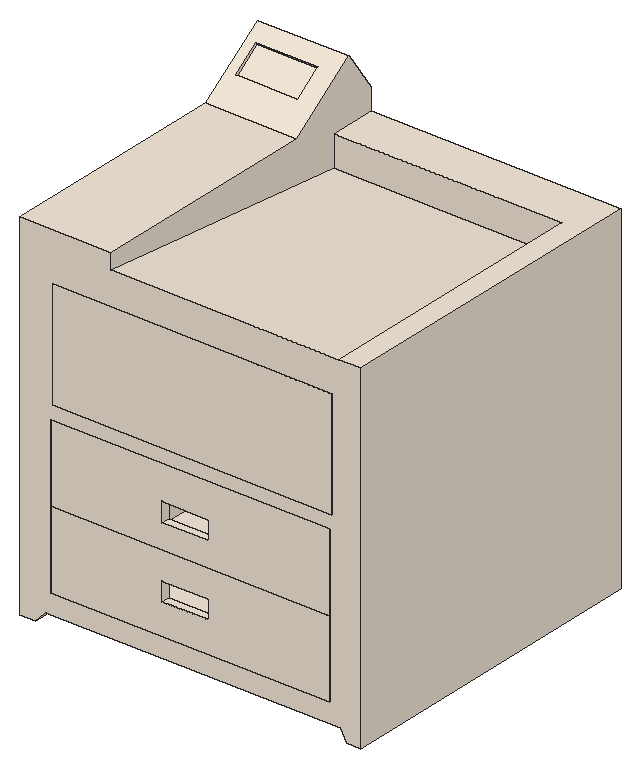
Revit family
Parameters
  Material Printer = Plastic - White
  Keynote = "N"
  Assembly Code = "E1010800"
Reference planes
  plane 1 "Center F/B": y = 22.58
  plane 2: z = 0
  plane 3 "Center L/R": x = 115.679
  plane 4: x = -163.721
  plane 5: x = 395.079
  plane 6: y = -244.12
  plane 7: y = 289.28
Forms (mm)
  Extrusion 1, solid, material "Plastic - White" <- "Material Printer"
    sketch origin (0, 0, 0) x (1, 0, 0) y (0, 1, 0)
      loop
        line (-163.721, 289.28) -> (-163.721, -244.12) -> (395.079, -244.12) -> (395.079, 289.28) -> (-163.721, 289.28)
    from 0 to 558.8
  Extrusion 2, void
    sketch origin (115.679, 0, 0) x (0, 1, 0) y (0, 0, 1)
      loop
        line (213.08, 558.8) -> (-244.12, 558.8) -> (213.08, 508) -> (213.08, 558.8)
    from -130.265 to 243.558
  Extrusion 3, void
    sketch origin (-163.721, -244.12, 558.8) x (0, 0, -1) y (1, 0, 0)
      loop
        line (558.8, 25.4) -> (558.8, 43.361) -> (558.8, 536.33) -> (540.839, 525.961) -> (540.839, 43.361) -> (558.8, 25.4)
    from -533.4 to 0
  Extrusion 4, void
    sketch origin (-163.721, -244.12, 558.8) x (0, 0, -1) y (1, 0, 0)
      loop
        line (254.66, 50.738) -> (508.66, 50.738) -> (508.66, 507.938) -> (254.66, 507.938) -> (254.66, 50.738)
    from 0 to -304.8
  Extrusion 5, solid, material "Plastic - White" <- "Material Printer"
    sketch origin (-163.721, -244.12, 558.8) x (0, 0, -1) y (1, 0, 0)
      loop
        line (508.66, 50.738) -> (508.66, 507.938) -> (381.66, 507.938) -> (381.66, 50.738) -> (508.66, 50.738)
    from 0 to -12.7
  Extrusion 6, solid, material "Plastic - White" <- "Material Printer"
    sketch origin (-163.721, -244.12, 558.8) x (0, 0, -1) y (1, 0, 0)
      loop
        line (381.66, 50.738) -> (381.66, 507.938) -> (254.66, 507.938) -> (254.66, 50.738) -> (381.66, 50.738)
    from 0 to -12.7
  Extrusion 7, void
    sketch origin (-163.721, -244.12, 558.8) x (0, 0, -1) y (1, 0, 0)
      loop
        line (427.27, 233.348) -> (457.2, 233.348) -> (457.2, 309.548) -> (427.27, 309.548) -> (427.27, 233.348)
      loop
        line (310.078, 233.348) -> (341.859, 233.348) -> (341.859, 309.548) -> (310.078, 309.548) -> (310.078, 233.348)
    from 0 to -12.7
  Extrusion 8, solid, material "Plastic - White" <- "Material Printer"
    sketch origin (115.679, 0, 0) x (0, 1, 0) y (0, 0, 1)
      loop
        line (289.28, 594.039) -> (243.765, 659.042) -> (136.88, 584.2) -> (-244.12, 584.2) -> (-244.12, 558.8) -> (289.28, 558.8) -> (289.28, 594.039)
    from -130.265 to -279.4
  Extrusion 9, void
    sketch origin (-14.586, 243.765, 659.042) x (-1, 0, 0) y (0, -0.819152, -0.573576)
      loop
        line (132.554, 29.405) -> (132.554, 80.205) -> (30.954, 80.205) -> (30.954, 29.405) -> (132.554, 29.405)
    from 0 to -3.175
  Extrusion 10, solid, material "Plastic - White" <- "Material Printer"
    sketch origin (-163.721, -244.12, 558.8) x (0, 0, -1) y (1, 0, 0)
      loop
        line (231.951, 54.679) -> (231.951, 511.879) -> (54.151, 511.879) -> (54.151, 54.679) -> (231.951, 54.679)
    from 0 to -3.175
Cuts and joins
  Extrusion 7, Extrusion 9 cuts Extrusion 5
  Extrusion 7, Extrusion 9 cuts Extrusion 6
  Extrusion 2, Extrusion 3, Extrusion 4, Extrusion 7, Extrusion 9 cuts Extrusion 1
  Extrusion 9 cuts Extrusion 8
  joined: Extrusion 1, Extrusion 8
Dimensions and locks
  equal spacing: plane 4, plane 3 "Center L/R", plane 5
  equal spacing: plane 6, plane 1 "Center F/B", plane 7
